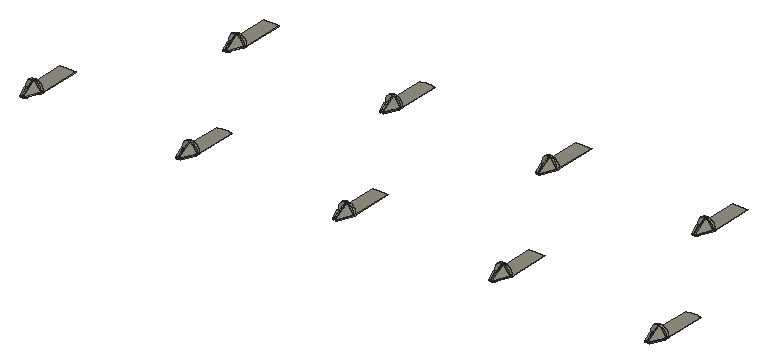
Revit family "Construction_Roof-Accessories_Alpine-SnowGuards_PD40", category Specialty Equipment, host Face, Revit 2019
Family settings
  Host = Face
  Round Connector Dimension = Use Diameter
  Part Type = Normal
  OmniClass Number = 23.35.20.31.27.14
  OmniClass Title = Snow Guards
  Cut with Voids When Loaded = No
  Shared = No
  Room Calculation Point = No
Parameters (values of type "2x2 Pattern – Two Row")
  z_Option3 = Row Options : Three Rows
  z_Option2 = Row Options : Two Rows
  z_Option1 = Row Options : One Row
  Z_Vertical Spacing = if(Vertical Spacing = 0", 12", Vertical Spacing)  # 24"
  Z_Three Rows [instance] = and((Length > 2 * Z_Horizontal Spacing), Number of Rows = z_Option3)  # no
  Z_Three Row Second Pad [instance] = and(not(or(Z_Three Rows, Z_Two Rows, Z_Custom Row, Number of Rows = z_Option2, Z_CR)), Z_Length > Z_Horizontal Spacing)  # no
  Z_Three Row First Pad [instance] = not(or(Z_Three Rows, Z_Two Rows, Z_Custom Row, Number of Rows = z_Option2, Z_CR))  # no
  Z_Second Row Number [instance] = Z_Number of Pads Control - 1  # 4
  Z_Two Row First Pad [instance] = and(not(or(Z_Three Rows, Z_Two Rows, Z_Custom Row, Z_CR)), or(Z_Length = Z_Horizontal Spacing / 2, Z_Length > Z_Horizontal Spacing / 2))  # no
  Z_Second Row [instance] = Z_Horizontal Spacing / 2  # 12"
  Z_Length [instance] = if(Length < Z_Horizontal Spacing / 2, Z_Horizontal Spacing / 2, Length)  # 100"
  Z_Horizontal Spacing = if(Horizontal Spacing = 0", 24", Horizontal Spacing)  # 24"
  Z_Distance between Pads [instance] = Length / (Z_Number of Pads Control - 1)  # 25"
  Z_Custom Row Second Pad [instance] = and(not(or(Z_Three Rows, Z_Two Rows, Z_Custom Row)), Z_Length > Z_Horizontal Spacing)  # no
  Z_Custom Row First Pad [instance] = not(or(Z_Three Rows, Z_Two Rows))  # no
  Z_Custom Row [instance] = and((Length > 2 * Z_Horizontal Spacing), or(Number of Rows = z_Option1, Number of Rows = z_Option2, Number of Rows = z_Option3))  # yes
  Z_CR = no
  Vertical Spacing = 24"
  URL = "https://www.alpinesnowguards.com/model/pd40?utm_source=bimobject&utm_medium=productlisting&utm_campaign=2022marketing"
  Z_Two Rows [instance] = and((Length > 2 * Z_Horizontal Spacing), or(Number of Rows = z_Option2, Number of Rows = z_Option3))  # yes
  Surface Offset [instance] = 0"
  Standard Layouts [instance] = "Standard layouts are shown. Custom layouts are available, please contact Alpine Snow Guard to discuss."  # constant formula
  Snow Guard Count [instance] = if(and(Number of Rows = z_Option1, and(Length > 24", Length < 49")), 2, if(and(Number of Rows = z_Option1, or(Length = 0", Length < 25")), 1, if(and(Number of Rows = z_Option2, or(Length = 0", Length < 25")), 2, if(and(Number of Rows = z_Option3, and(Length > 24", Length < 49")), 5, if(Z_Three Rows, 2 * Z_Number of Pads Control + Z_Second Row Number, if(Z_Two Rows, Z_Number of Pads Control + Z_Second Row Number, Z_Number of Pads Control))))))  # 9
  Product data url = "https://www.bimobject.com/en-us/alpine-snowguards/product/pd40_half_round_pad_style_snow_guard"
  Product Material = Alpine SnowGuards - Aluminium - Mill Finish
  Product Guid = "efcda7d6-5342-4d80-ac46-93056713f349"
  Z_Number of Pads Control [instance] = if((Z_Length / Z_Horizontal Spacing + 1) < 3, 3, rounddown(Z_Length / Z_Horizontal Spacing + 1))  # 5
  Number of Rows = Row Options : Two Rows
  Length Note [instance] = "To show a single SnowGuard in the Row, please set Length to 0"  # constant formula
  Model = if(PD 400F, "PD 400F", "PD 40")  # "PD 40"
  Manufacturer = "Alpine SnowGuards"  # constant formula
  PD 400F = no
  Length [instance] = 100"
  Keynote = "07720"
  IMPORTANT [instance] = "All layouts begin with a 3-row pattern."  # constant formula
  Horizontal Spacing = 24"
  Edition number = 1
  Description = "PD40 Half Round Pad Style Snow Guard"  # constant formula
  Default Elevation = 48"
  Assembly Code = "B3010"
Types (6): name | Z_Vertical Spacing | Z_Three Rows | Z_Second Row Number | Z_Second Row | Z_Horizontal Spacing | Z_Distance between Pads | Z_Custom Row First Pad | Z_CR | Vertical Spacing | Z_Two Rows | Snow Guard Count | Z_Number of Pads Control | Number of Rows | Horizontal Spacing
  (no name) | 24" | no | 4 | 12" | 24" | 25" | no | no | 24" | yes | 9 | 5 | Row Options : Two Rows | 24"
  3-Row Pattern | 12" | yes | 4 | 12" | 24" | 25" | no | no | 12" | yes | 14 | 5 | Row Options : Three Rows | 24"
  2x4 Pattern – Two Row | 24" | no | 2 | 24" | 48" | 50" | no | no | 24" | yes | 5 | 3 | Row Options : Two Rows | 48"
  2x3 Pattern – Two Row | 24" | no | 2 | 18" | 36" | 50" | no | no | 24" | yes | 5 | 3 | Row Options : Two Rows | 36"
  2x2 Pattern – Two Row | 24" | no | 4 | 12" | 24" | 25" | no | no | 24" | yes | 9 | 5 | Row Options : Two Rows | 24"
  Custom – Single Row | 12" | no | 4 | 12" | 24" | 25" | yes | yes | 0" | no | 5 | 5 | Row Options : One Row | 24"
Reference planes (in)
  plane 1 "Center (Front/Back)": y = 0
  plane 2: z = 0
  plane 3 "Center (Left/Right)": x = 0
  plane 4: x = 100
  plane 5: y = 24
  plane 6: y = 48
  plane 7: x = 12
  plane 8: x = 24
  plane 9: x = 36
Dimensions and locks (in)
  "Z_Length": plane 3 "Center (Left/Right)" to plane 4
  "Z_Vertical Spacing": plane 1 "Center (Front/Back)" to plane 5
  "Z_Vertical Spacing": plane 6 to plane 5
  "Z_Horizontal Spacing": plane 3 "Center (Left/Right)" to plane 8
  equal spacing: group 1, group 2, group 3, group 9, group 10  (x3)
  equal spacing: group 4, group 5, group 6, group 11, group 12  (x3)
  "Z_Horizontal Spacing": plane 7 to plane 9
  equal spacing: group 7, group 8, group 13, group 14  (x3)
  equal spacing: plane 3 "Center (Left/Right)", plane 7, plane 8
  aligned and locked: host face to plane 2
  aligned and locked: host face to level
  aligned and locked: plane 1 "Center (Front/Back)" to nested 1
  aligned and locked: plane 3 "Center (Left/Right)" to nested 1
  aligned and locked: plane 7 to nested 2
  aligned and locked: nested 2 to plane 5
  aligned and locked: plane 3 "Center (Left/Right)" to nested 3
  aligned and locked: nested 3 to plane 6
  aligned and locked: plane 8 to nested 4
  aligned and locked: plane 8 to nested 6
  aligned and locked: plane 9 to nested 8
  aligned and locked: nested 6 to plane 6
  aligned and locked: nested 8 to plane 5
  aligned and locked: plane 1 "Center (Front/Back)" to nested 9
  aligned and locked: plane 1 "Center (Front/Back)" to nested 10
  aligned and locked: nested 11 to plane 5
  aligned and locked: nested 12 to plane 6
  aligned and locked: nested 13 to plane 6
  aligned and locked: plane 3 "Center (Left/Right)" to nested 9
  aligned and locked: plane 7 to nested 11
  aligned and locked: plane 8 to nested 10
  aligned and locked: plane 3 "Center (Left/Right)" to nested 12
  aligned and locked: plane 8 to nested 13
Automatic sketch dimensions
  host sketch curve to host sketch curve = 167.34463"
  host sketch curve to host sketch curve = 121.14631"
Nested families (in)
  nested 1: "Construction_Roof-Accessories_Alpine-SnowGuards_Pad-PD40" at (0, 0, 0), Product Material <- "Product Material", F <- "PD 400F", visible <- "Z_Custom Row", Surface Offset <- "Surface Offset", type "Construction_Roof-Accessories_Alpine-SnowGuards_Pad-PD40"
    with Surface Offset 0", Product Material Alpine SnowGuards - Aluminium - Mill Finish, F no
  nested 2: "Construction_Roof-Accessories_Alpine-SnowGuards_Pad-PD40" at (12, 24, 0), Product Material <- "Product Material", F <- "PD 400F", visible <- "Z_Two Rows", Surface Offset <- "Surface Offset", type "Construction_Roof-Accessories_Alpine-SnowGuards_Pad-PD40"
    with Surface Offset 0", Product Material Alpine SnowGuards - Aluminium - Mill Finish, F no
  nested 3: "Construction_Roof-Accessories_Alpine-SnowGuards_Pad-PD40" at (0, 48, 0), Product Material <- "Product Material", F <- "PD 400F", visible <- "Z_Three Rows", Surface Offset <- "Surface Offset", type "Construction_Roof-Accessories_Alpine-SnowGuards_Pad-PD40"
    with Surface Offset 0", Product Material Alpine SnowGuards - Aluminium - Mill Finish, F no
  nested 4: "Construction_Roof-Accessories_Alpine-SnowGuards_Pad-PD40" at (24, 0, 0), Product Material <- "Product Material", F <- "PD 400F", visible <- "Z_Custom Row", Surface Offset <- "Surface Offset", type "Construction_Roof-Accessories_Alpine-SnowGuards_Pad-PD40"
    with Surface Offset 0", Product Material Alpine SnowGuards - Aluminium - Mill Finish, F no
  nested 5: "Construction_Roof-Accessories_Alpine-SnowGuards_Pad-PD40" at (48, 0, 0), Product Material <- "Product Material", F <- "PD 400F", visible <- "Z_Custom Row", Surface Offset <- "Surface Offset", type "Construction_Roof-Accessories_Alpine-SnowGuards_Pad-PD40"
    with Surface Offset 0", Product Material Alpine SnowGuards - Aluminium - Mill Finish, F no
  nested 6: "Construction_Roof-Accessories_Alpine-SnowGuards_Pad-PD40" at (24, 48, 0), Product Material <- "Product Material", F <- "PD 400F", visible <- "Z_Three Rows", Surface Offset <- "Surface Offset", type "Construction_Roof-Accessories_Alpine-SnowGuards_Pad-PD40"
    with Surface Offset 0", Product Material Alpine SnowGuards - Aluminium - Mill Finish, F no
  nested 7: "Construction_Roof-Accessories_Alpine-SnowGuards_Pad-PD40" at (48, 48, 0), Product Material <- "Product Material", F <- "PD 400F", visible <- "Z_Three Rows", Surface Offset <- "Surface Offset", type "Construction_Roof-Accessories_Alpine-SnowGuards_Pad-PD40"
    with Surface Offset 0", Product Material Alpine SnowGuards - Aluminium - Mill Finish, F no
  nested 8: "Construction_Roof-Accessories_Alpine-SnowGuards_Pad-PD40" at (36, 24, 0), Product Material <- "Product Material", F <- "PD 400F", visible <- "Z_Two Rows", Surface Offset <- "Surface Offset", type "Construction_Roof-Accessories_Alpine-SnowGuards_Pad-PD40"
    with Surface Offset 0", Product Material Alpine SnowGuards - Aluminium - Mill Finish, F no
  nested 9: "Construction_Roof-Accessories_Alpine-SnowGuards_Pad-PD40" at (0, 0, 0), F <- "PD 400F", Surface Offset <- "Surface Offset", Product Material <- "Product Material", visible <- "Z_Custom Row First Pad", type "Construction_Roof-Accessories_Alpine-SnowGuards_Pad-PD40"
    with Surface Offset 0", Product Material Alpine SnowGuards - Aluminium - Mill Finish, F no
  nested 10: "Construction_Roof-Accessories_Alpine-SnowGuards_Pad-PD40" at (24, 0, 0), F <- "PD 400F", Surface Offset <- "Surface Offset", Product Material <- "Product Material", visible <- "Z_Custom Row Second Pad", type "Construction_Roof-Accessories_Alpine-SnowGuards_Pad-PD40"
    with Surface Offset 0", Product Material Alpine SnowGuards - Aluminium - Mill Finish, F no
  nested 11: "Construction_Roof-Accessories_Alpine-SnowGuards_Pad-PD40" at (12, 24, 0), Product Material <- "Product Material", Surface Offset <- "Surface Offset", F <- "PD 400F", visible <- "Z_Two Row First Pad", type "Construction_Roof-Accessories_Alpine-SnowGuards_Pad-PD40"
    with Surface Offset 0", Product Material Alpine SnowGuards - Aluminium - Mill Finish, F no
  nested 12: "Construction_Roof-Accessories_Alpine-SnowGuards_Pad-PD40" at (0, 48, 0), Product Material <- "Product Material", Surface Offset <- "Surface Offset", F <- "PD 400F", visible <- "Z_Three Row First Pad", type "Construction_Roof-Accessories_Alpine-SnowGuards_Pad-PD40"
    with Surface Offset 0", Product Material Alpine SnowGuards - Aluminium - Mill Finish, F no
  nested 13: "Construction_Roof-Accessories_Alpine-SnowGuards_Pad-PD40" at (24, 48, 0), Product Material <- "Product Material", Surface Offset <- "Surface Offset", F <- "PD 400F", visible <- "Z_Three Row Second Pad", type "Construction_Roof-Accessories_Alpine-SnowGuards_Pad-PD40"
    with Surface Offset 0", Product Material Alpine SnowGuards - Aluminium - Mill Finish, F no
  nested 14: "Construction_Roof-Accessories_Alpine-SnowGuards_Pad-PD40" at (72, 0, 0), Product Material <- "Product Material", F <- "PD 400F", visible <- "Z_Custom Row", Surface Offset <- "Surface Offset", type "Construction_Roof-Accessories_Alpine-SnowGuards_Pad-PD40"
    with Surface Offset 0", Product Material Alpine SnowGuards - Aluminium - Mill Finish, F no
  nested 15: "Construction_Roof-Accessories_Alpine-SnowGuards_Pad-PD40" at (96, 0, 0), Product Material <- "Product Material", F <- "PD 400F", visible <- "Z_Custom Row", Surface Offset <- "Surface Offset", type "Construction_Roof-Accessories_Alpine-SnowGuards_Pad-PD40"
    with Surface Offset 0", Product Material Alpine SnowGuards - Aluminium - Mill Finish, F no
  nested 16: "Construction_Roof-Accessories_Alpine-SnowGuards_Pad-PD40" at (72, 48, 0), Product Material <- "Product Material", F <- "PD 400F", visible <- "Z_Three Rows", Surface Offset <- "Surface Offset", type "Construction_Roof-Accessories_Alpine-SnowGuards_Pad-PD40"
    with Surface Offset 0", Product Material Alpine SnowGuards - Aluminium - Mill Finish, F no
  nested 17: "Construction_Roof-Accessories_Alpine-SnowGuards_Pad-PD40" at (96, 48, 0), Product Material <- "Product Material", F <- "PD 400F", visible <- "Z_Three Rows", Surface Offset <- "Surface Offset", type "Construction_Roof-Accessories_Alpine-SnowGuards_Pad-PD40"
    with Surface Offset 0", Product Material Alpine SnowGuards - Aluminium - Mill Finish, F no
  nested 18: "Construction_Roof-Accessories_Alpine-SnowGuards_Pad-PD40" at (60, 24, 0), Product Material <- "Product Material", F <- "PD 400F", visible <- "Z_Two Rows", Surface Offset <- "Surface Offset", type "Construction_Roof-Accessories_Alpine-SnowGuards_Pad-PD40"
    with Surface Offset 0", Product Material Alpine SnowGuards - Aluminium - Mill Finish, F no
  nested 19: "Construction_Roof-Accessories_Alpine-SnowGuards_Pad-PD40" at (84, 24, 0), Product Material <- "Product Material", F <- "PD 400F", visible <- "Z_Two Rows", Surface Offset <- "Surface Offset", type "Construction_Roof-Accessories_Alpine-SnowGuards_Pad-PD40"
    with Surface Offset 0", Product Material Alpine SnowGuards - Aluminium - Mill Finish, F no
Definition of nested family "Construction_Roof-Accessories_Alpine-SnowGuards_Pad-PD40"
  Parameters (values of type "Construction_Roof-Accessories_Alpine-SnowGuards_Pad-PD30")
    Surface Offset [instance] = 0"
    Product Material [instance] = none
    F [instance] = yes
  Reference planes (in)
    plane 1 "Center (Front/Back)": y = 0
    plane 2: z = 0
    plane 3 "Center (Left/Right)": x = 0
    plane 4: y = -2.375
    plane 5: z = 1.5
    plane 6: x = -1.25
    plane 7: x = 1.25
    plane 8: y = 6.5
    plane 9: z = 0.0215
    plane 10: z = 0
  Forms (in)
    Extrusion 1, solid, material <- "Product Material", detail levels fine
      sketch origin (0, 0, 0.03424) x (1, 0, 0) y (0, 0, 1)
        loop
          line (1.25, -0.03424) -> (1.25, 0.2105)
          arc (1.25, 0.2105) -> (0, 1.4605) -> (-1.25, 0.2105) r 1.25
          line (-1.25, 0.2105) -> (-1.25, -0.03424) -> (1.25, -0.03424)
      from 0 to 0.1978
    Sweep 2, solid, material <- "Product Material", detail levels fine
      path origin (1.2331, 0.04673, 0.03865) x (0.999641, 0.026785, -0.001071) y (-0.026787, 0.99964, -0.001779)
        loop
          line (-2.05752, 0.18662) -> (-1.07653, -2.30301)
      profile origin (-0.30501, -1.05306, 0.04221) x (0.920225, 0.391387, -0.001649) y (0.001023, 0.001807, 0.999998)
        loop
          line (-0.41438, -0.03769) -> (-0.37639, -0.03494) -> (0.58935, 1.35985) -> (0.55134, 1.35706) -> (-0.41438, -0.03769)
    Extrusion 3, void
      sketch origin (0, 0, 0.03424) x (0, 1, 0) y (0, 0, 1)
        loop
          line (-0.15101, 1.42347) -> (-0.15101, 1.59635) -> (-2.55379, 1.59635) -> (-2.55379, -0.01783) -> (0.46654, -0.01783) -> (0.46654, 1.37647) -> (-0.1978, 1.37647) -> (-0.1978, 0.072) -> (-2.40838, 0.072) -> (-0.15101, 1.42347)
      from -2.2317 to 1.92901
    Sweep 4, solid, material <- "Product Material", detail levels fine
      path origin (-1.2331, 0.04673, 0.03865) x (-0.999641, 0.026785, -0.001071) y (-0.026787, -0.99964, 0.001779)
        loop
          line (-2.05752, -0.18662) -> (-1.07653, 2.30301)
      profile origin (0.30501, -1.05306, 0.04221) x (0.920225, -0.391387, 0.001649) y (-0.001023, 0.001807, 0.999998)
        loop
          line (0.41438, -0.03769) -> (-0.55134, 1.35706) -> (-0.58935, 1.35985) -> (0.37639, -0.03494) -> (0.41438, -0.03769)
    Extrusion 5, solid, material <- "Product Material", detail levels fine
      sketch origin (0, -0.23657, 1.40648) x (0, -0.857988, -0.51367) y (1, 0, 0)
        loop
          line (2.53128, -0.10391) -> (2.53128, 0.10391) -> (-0.04787, 0.04282) -> (-0.04787, -0.04282) -> (2.53128, -0.10391)
      from 0 to 0.02578
    Sweep 6, void
      path origin (0, 0, 0.03424) x (1, 0, 0) y (0, 0, 1)
        loop
          line (-1.26245, -0.03424) -> (-1.26245, 0.2105)
          arc (-1.26245, 0.2105) -> (0, 1.47295) -> (1.26245, 0.2105) r 1.26245
          line (1.26245, 0.2105) -> (1.26245, -0.03424)
      profile origin (-1.26245, 0, 0.12237) x (-1, 0, 0) y (0, -1, 0)
        loop
          line (-0.00526, -0.02577) -> (-0.00526, 0.1978) -> (-0.06762, 0.1978) -> (-0.00526, -0.02577)
    Extrusion 7, void
      sketch origin (0, 0, 0) x (0, 1, 0) y (0, 0, 1)
        loop
          line (-2.375, 0.26156) -> (-2.625, 0.26156) -> (-2.625, 0.07427) -> (-2.375, 0.07427) -> (-2.375, 0.26156)
      from -0.20134 to 0.28095
    Extrusion 8, solid, material <- "Product Material", detail levels fine
      sketch origin (0, 0, 0) x (1, 0, 0) y (0, 1, 0)
        loop
          line (-1.20009, -0.1978) -> (-1.20009, -0.44408) -> (-0.38047, -2.375) -> (-0.11807, -2.375) -> (-1.04182, -0.1978) -> (-1.20009, -0.1978)
        loop
          line (1.20009, -0.1978) -> (1.04182, -0.1978) -> (0.11807, -2.375) -> (0.38047, -2.375) -> (1.20009, -0.44408) -> (1.20009, -0.1978)
      from 0 to 0.10624
    Extrusion 9, solid, material <- "Product Material", detail levels coarse+medium
      sketch origin (0, 0, 0) x (1, 0, 0) y (0, 0, 1)
        loop
          line (-1.25, 0) -> (1.25, 0) -> (1.25, 0.24474)
          arc (1.25, 0.24474) -> (0, 1.49474) -> (-1.25, 0.24474) r 1.25
          line (-1.25, 0.24474) -> (-1.25, 0)
      from 0 to 2.375
    Extrusion 10, solid, material <- "Product Material", visible <- "F", detail levels fine
      sketch origin (0, 0, 0) x (1, 0, 0) y (0, 0, 1)
        loop
          arc (-1.24367, 0.11913) -> (0, 1.49474) -> (1.24367, 0.11913) r 1.25
          line (1.24367, 0.11913) -> (1.49571, 0.11913) -> (1.49571, 0.24095)
          arc (1.49571, 0.24095) -> (1.65445, 0.44682) -> (1.89391, 0.34565) r 0.21286
          arc (1.89391, 0.34565) -> (1.9182, 0.33046) -> (1.94415, 0.34257) r 0.03
          arc (1.94415, 0.34257) -> (2.09853, 0.65809) -> (2.13082, 1.00787) r 0.97307
          arc (2.13082, 1.00787) -> (1.56654, 1.72665) -> (0.65273, 1.72878) r 1.04729
          arc (0.65273, 1.72878) -> (0.66656, 2.06986) -> (0.4432, 2.32801) r 0.46375
          arc (0.4432, 2.32801) -> (0.22443, 2.50806) -> (0.02246, 2.70678) r 3.19618
          arc (0.02246, 2.70678) -> (0.00781, 2.71316) -> (-0.00683, 2.70678) r 0.02
          arc (-0.00683, 2.70678) -> (-0.20217, 2.51405) -> (-0.41331, 2.33878) r 3.19618
          arc (-0.41331, 2.33878) -> (-0.65454, 2.0814) -> (-0.64492, 1.72878) r 0.46375
          arc (-0.64492, 1.72878) -> (-1.55873, 1.72665) -> (-2.123, 1.00787) r 1.04729
          arc (-2.123, 1.00787) -> (-2.09072, 0.65809) -> (-1.93634, 0.34257) r 0.97307
          arc (-1.93634, 0.34257) -> (-1.91039, 0.33046) -> (-1.8861, 0.34565) r 0.03
          arc (-1.8861, 0.34565) -> (-1.64664, 0.44682) -> (-1.4879, 0.24095) r 0.21286
          line (-1.4879, 0.24095) -> (-1.4879, 0.11913) -> (-1.24367, 0.11913)
      from 0 to -0.01759
    Extrusion 11, solid, material <- "Product Material", visible <- "F", detail levels coarse+medium
      sketch origin (0, 0, 0) x (1, 0, 0) y (0, 0, 1)
        loop
          line (-2.123, 0.11913) -> (2.13082, 0.11913) -> (2.13082, 0.5916)
          arc (2.13082, 0.5916) -> (0.00391, 2.7185) -> (-2.123, 0.5916) r 2.12691
          line (-2.123, 0.5916) -> (-2.123, 0.11913)
      from 0 to -0.01759
    Extrusion 12, solid, material <- "Product Material"
      sketch origin (0, 0, 0) x (1, 0, 0) y (0, 1, 0)
        loop
          line (-1.17942, 0) -> (1.19558, 0) -> (1.19558, 6.3718)
          arc (1.19558, 6.3718) -> (0.00808, 6.5) -> (-1.17942, 6.3718) r 5.56396
          line (-1.17942, 6.3718) -> (-1.17942, 0)
      from 0 to 0.0215
  Cuts and joins
    Extrusion 3, Extrusion 7 cuts Sweep 2
    Extrusion 3, Extrusion 7 cuts Sweep 4
    Extrusion 7 cuts Extrusion 5
    Sweep 6 cuts Extrusion 1
  Dimensions and locks (in)
    plane 4 to plane 1 "Center (Front/Back)" = 2 3/8"
    plane 5 to plane 2 = 1 1/2"
    plane 7 to plane 6 = 2 1/2"
    plane 1 "Center (Front/Back)" to plane 8 = 6 1/2"
    plane 8 to Extrusion 12 sketch curve to Extrusion 12 sketch curve = 0.1282" locked, 0" locked
    locked: plane 10 to plane 9 at 0.0215
    "Surface Offset": level to plane 10
    aligned and locked: level to plane 2
    aligned and locked: plane 10 to Extrusion 12
    aligned and locked: Extrusion 12 to plane 9
  Automatic sketch dimensions
    Extrusion 1 sketch curve to level = 0"
    Extrusion 1 sketch curve to plane 6 = 0"
    Extrusion 1 sketch curve to plane 3 "Center (Left/Right)" = 0"
    level to Extrusion 1 sketch curve = 0.24474"
    Sweep 2 sketch curve to Sweep 2 sketch curve = 0.98099"
    Sweep 2 sketch curve to Sweep 2 sketch curve = 2.48963"
    Sweep 2 sketch curve to profile plane = 0.03769"
    profile plane to Sweep 2 sketch curve = 0.41438"
    Sweep 2 sketch curve to profile plane = 0.03494"
    Sweep 2 sketch curve to Sweep 2 sketch curve = 0.03799"
    Sweep 2 sketch curve to profile plane = 0.55134"
    Sweep 2 sketch curve to Sweep 2 sketch curve = 0.03801"
    profile plane to Sweep 2 sketch curve = 1.35706"
    Sweep 2 sketch curve to Sweep 2 sketch curve = 0.00279"
    Extrusion 3 sketch curve to plane 4 = 0.17879"
    Extrusion 3 sketch curve to plane 4 = 0.03338"
    Extrusion 3 sketch curve to plane 5 = 0.08929"
    plane 1 "Center (Front/Back)" to Extrusion 3 sketch curve = 0.1978"
    plane 1 "Center (Front/Back)" to Extrusion 3 sketch curve = 0.15101"
    plane 9 to Extrusion 3 sketch curve = 0.00509"
    Extrusion 3 sketch curve to plane 1 "Center (Front/Back)" = 0.46654"
    level to Extrusion 3 sketch curve = 0.10624"
    Extrusion 3 sketch curve to plane 5 = 0.04229"
    plane 5 to Extrusion 3 sketch curve = 0.13059"
    Sweep 4 sketch curve to Sweep 4 sketch curve = 0.98099"
    Sweep 4 sketch curve to Sweep 4 sketch curve = 2.48963"
    profile plane to Sweep 4 sketch curve = 0.58935"
    Sweep 4 sketch curve to Sweep 4 sketch curve = 0.03801"
    Sweep 4 sketch curve to profile plane = 0.03494"
    Sweep 4 sketch curve to profile plane = 0.37639"
    Sweep 4 sketch curve to profile plane = 0.03769"
    Sweep 4 sketch curve to Sweep 4 sketch curve = 0.03799"
    profile plane to Sweep 4 sketch curve = 1.35706"
    Sweep 4 sketch curve to Sweep 4 sketch curve = 0.00279"
    Extrusion 5 sketch curve to plane 3 "Center (Left/Right)" = 0.04282"
    plane 3 "Center (Left/Right)" to Extrusion 5 sketch curve = 0.10391"
    Extrusion 5 sketch curve to Extrusion 5 sketch curve = 2.57915"
    Extrusion 5 sketch curve to plane 3 "Center (Left/Right)" = 0.10391"
    plane 3 "Center (Left/Right)" to Extrusion 5 sketch curve = 0.04282"
    Sweep 6 sketch curve to level = 0"  (x2)
    Sweep 6 sketch curve to plane 3 "Center (Left/Right)" = 0"
    Sweep 6 sketch curve to plane 6 = 0.01245"
    level to Sweep 6 sketch curve = 0.24474"
    profile plane to Sweep 6 sketch curve = 0.06762"
    profile plane to Sweep 6 sketch curve = 0.00526"
    Sweep 6 sketch curve to profile plane = 0.02577"
    profile plane to Sweep 6 sketch curve = 0.1978"
    Extrusion 7 sketch curve to plane 4 = 0"
    Extrusion 7 sketch curve to plane 9 = 0.05277"
    Extrusion 7 sketch curve to plane 4 = 1/4"
    level to Extrusion 7 sketch curve = 0.26156"
    Extrusion 8 sketch curve to plane 4 = 0"  (x2)
    plane 6 to Extrusion 8 sketch curve = 0.04991"
    Extrusion 8 sketch curve to Extrusion 8 sketch curve = 0.15827"
    Extrusion 8 sketch curve to plane 3 "Center (Left/Right)" = 0.38047"
    Extrusion 8 sketch curve to plane 3 "Center (Left/Right)" = 0.11807"
    plane 3 "Center (Left/Right)" to Extrusion 8 sketch curve = 0.11807"
    Extrusion 8 sketch curve to Extrusion 8 sketch curve = 0.2624"
    plane 7 to Extrusion 8 sketch curve = 0.20818"
    plane 7 to Extrusion 8 sketch curve = 0.04991"
    plane 1 "Center (Front/Back)" to Extrusion 8 sketch curve = 0.44408"  (x2)
    plane 1 "Center (Front/Back)" to Extrusion 8 sketch curve = 0.1978"  (x2)
    Extrusion 9 sketch curve to plane 6 = 0"
    Extrusion 9 sketch curve to plane 3 "Center (Left/Right)" = 0"
    Extrusion 9 sketch curve to level = 0"
    level to Extrusion 9 sketch curve = 0.24474"
    Extrusion 10 sketch curve to plane 3 "Center (Left/Right)" = 0"
    Extrusion 10 sketch curve to plane 3 "Center (Left/Right)" = 0.22099"
    plane 6 to Extrusion 10 sketch curve = 0.15038"
    plane 6 to Extrusion 10 sketch curve = 0.09618"
    plane 6 to Extrusion 10 sketch curve = 0.00633"
    level to Extrusion 10 sketch curve = 0.11913"
    Extrusion 10 sketch curve to plane 6 = 0.2379"
    Extrusion 10 sketch curve to Extrusion 10 sketch curve = 0.21286"  (x2)
    Extrusion 10 sketch curve to Extrusion 10 sketch curve = 0.21146"  (x2)
    Extrusion 10 sketch curve to plane 6 = 1.09726"
    plane 3 "Center (Left/Right)" to Extrusion 10 sketch curve = 1/128"
    plane 3 "Center (Left/Right)" to Extrusion 10 sketch curve = 0.2288"
    plane 7 to Extrusion 10 sketch curve = 0.14256"
    plane 7 to Extrusion 10 sketch curve = 0.08836"
    plane 7 to Extrusion 10 sketch curve = 0.00633"
    Extrusion 10 sketch curve to plane 7 = 0.24571"
    Extrusion 10 sketch curve to plane 7 = 1.11289"
    Extrusion 10 sketch curve to Extrusion 10 sketch curve = 0.12183"  (x2)
    level to Extrusion 10 sketch curve = 0.24474"
    Extrusion 10 sketch curve to Extrusion 10 sketch curve = 0.11945"  (x2)
    Extrusion 10 sketch curve to Extrusion 10 sketch curve = 0.54439"  (x2)
    Extrusion 10 sketch curve to Extrusion 10 sketch curve = 0.13561"  (x2)
    plane 5 to Extrusion 10 sketch curve = 0.41679"  (x2)
    Extrusion 10 sketch curve to Extrusion 10 sketch curve = 0.77637"
    Extrusion 10 sketch curve to Extrusion 10 sketch curve = 2.19031"  (x2)
    Extrusion 10 sketch curve to plane 3 "Center (Left/Right)" = 0.00683"
    Extrusion 10 sketch curve to Extrusion 10 sketch curve = 0"  (x6)
    Extrusion 10 sketch curve to plane 3 "Center (Left/Right)" = 0.41331"
    plane 5 to Extrusion 10 sketch curve = 0.22878"  (x2)
    plane 3 "Center (Left/Right)" to Extrusion 10 sketch curve = 0.4432"
    level to Extrusion 11 sketch curve = 0.11913"
    Extrusion 11 sketch curve to plane 6 = 0.873"
    plane 3 "Center (Left/Right)" to Extrusion 11 sketch curve = 1/256"
    Extrusion 11 sketch curve to Extrusion 11 sketch curve = 0.47247"
    plane 1 "Center (Front/Back)" to Extrusion 12 sketch curve = 0"
    plane 6 to Extrusion 12 sketch curve = 0.07058"
    plane 3 "Center (Left/Right)" to Extrusion 12 sketch curve = 0.00808"
    Extrusion 12 sketch curve to plane 1 "Center (Front/Back)" = 0.93604"
